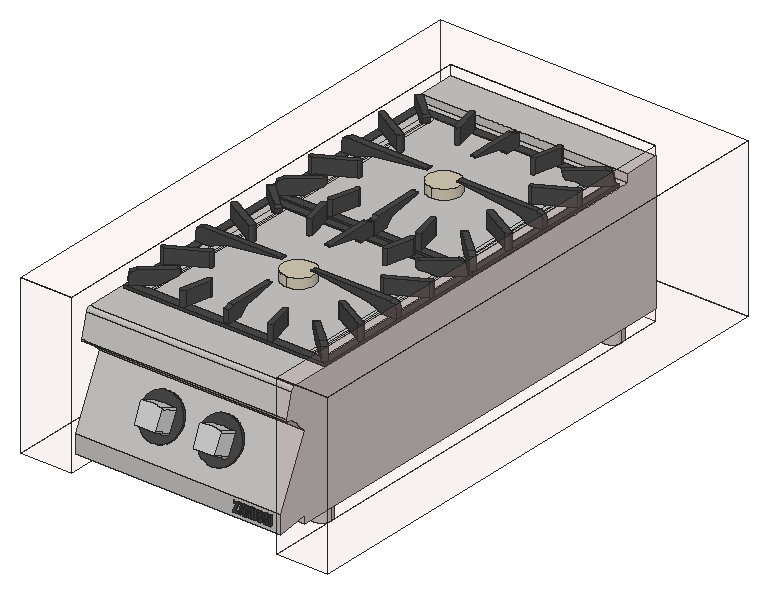
Revit family "QF_ZANUSSI_392025_Z9GCGD2C00", category Attrezzature speciali, Revit 2020
Family settings
  Quota connettore circolare = Usa diametro
  Tipo di parte = Normale
  Basato su piano di lavoro = No
  Sempre verticale = Sì
  Taglio con vuoti quando caricato = No
  Condiviso = No
  Punto di calcolo locali = No
Parameters (values of type "Standard")
  Weight = 43.00 kg
  Watts = 0 W
  Volts = 0 V
  URL Manufacturer = "http://www.zanussiprofessional.com"
  URL = "http://www.zanussiprofessional.com"
  Steam Supply Size = 0 mm
  Steam Supply Minimum Pressure = 0.0 Pa
  Steam Supply Maximum Pressure = 0.0 Pa
  Steam Consumption per Hour = 0
  Show Logo [instance] = yes
  Show Clearance [instance] = yes
  Refrigeration Suction Line Size = 0 mm
  Refrigeration Liquid Line Size = 0 mm
  Refrigerant Compressor Remote = yes
  Prospetto di default = 0 mm
  Produttore = "Zanussi"
  Phase = 0
  Modello = "Z9GCGD2C00"
  Length Actual = 400 mm  # constant formula
  Item Number = "392025"
  Hot Water Size = 0 mm
  Height Actual = 250 mm  # constant formula
  HP = "0 HP"
  Gas Size = 12.7 mm
  Gas KW = 12
  Gas Input Pressure = 0.0891869 W
  Direct Waste Size = 0 mm
  Descrizione = "2-BURNER(CAST IRON)GAS BOILING TOP 400MM"
  Depth Actual = 900 mm  # constant formula
  Cycle = 0 Hz
  Condensate Return Size = 0 mm
  Compressed Air Volume = 0.0 L/s
  Compressed Air Size = 0 mm
  Compressed Air Pressure = 0.0 Pa
  Cold Water Size = 0 mm
  Accessory = yes
Reference planes
  plane 1 "Back": y = 0
  plane 2: z = 0
  plane 3 "Left": x = 0
  plane 4: x = 400
  plane 5: z = 275
  plane 6: y = -340.304
  plane 7: x = 500
  plane 8: x = -100
  plane 9: y = 100
  plane 10: x = 200
  plane 11: y = -790
  plane 12: y = -82
Forms (mm)
  Extrusion 1, solid, material "QF_Finishes_Clearance", visible <- "Show Clearance"
    sketch origin (0, 0, 0) x (1, 0, 0) y (0, 1, 0)
      loop
        line (-100, -924.56) -> (0, -924.56) -> (0, 0) -> (400, 0) -> (400, -924.56) -> (500, -924.56) -> (500, 100) -> (-100, 100) -> (-100, -924.56)
    from 0 to 308.575
  Extrusion 2, solid, material "QF_Finishes_Stainless Steel"
    sketch origin (0, 0, 1) x (0, 1, 0) y (0, 0, 1)
      loop
        line (0, 23) -> (0, 289) -> (-69.85, 289) -> (-69.85, 274) -> (-879.358, 274)
        arc (-879.358, 274) -> (-884.643, 271.811) -> (-886.833, 266.526) r 7.474
        line (-886.833, 266.526) -> (-899.363, 222.827)
        arc (-899.363, 222.827) -> (-898.875, 220.195) -> (-896.479, 219) r 3
        line (-896.479, 219) -> (-888.618, 219) -> (-854.982, 185.364) -> (-915, 64.508) -> (-915, 29.508) -> (-858.645, 37.428)
        arc (-858.645, 37.428) -> (-856.101, 36.674) -> (-855, 34.259) r 3.2
        line (-855, 34.259) -> (-855, 23) -> (0, 23)
    from 0 to 400.05
  Extrusion 3, solid, material "QF_Finishes_Stainless Steel"
    sketch origin (-705.042, 21.722, 541) x (-1, 0, 0) y (0, 0, -1)
      loop
        circle (-1052.042, 464) r 6.35
    from 11.722 to 21.722
  Extrusion 4, solid, material "QF_Finishes_Stainless Steel"
    sketch origin (-704.042, -197, 2.278) x (-1, 0, 0) y (0, -1, 0)
      loop
        circle (-1052.042, 464) r 6.35
    from 11.722 to 21.722
Dimensions and locks
  plane 3 "Left" to plane 4 = 400 mm
  plane 5 to level = 275 mm
  plane 1 "Back" to plane 9 = 100 mm
  plane 4 to plane 7 = 100 mm
  plane 8 to plane 3 "Left" = 100 mm
  Extrusion 1 to Extrusion 1 = 400 mm
  Extrusion 1 to Extrusion 2 sketch curve = 915 mm
  plane 1 "Back" to plane 12 to plane 11 = 82 mm, 708 mm
  aligned and locked: level to plane 2
Nested families
  nested 1: "ZANUSSI_BURNER" at (5, -443.75, -575.85), type "ZANUSSI_BURNER"
    with Specification by User "", Revision Code "", Item Number "", Installed By "", Identify Quantity as Lot yes, Furnished By "", Foodservice Equipment Identifier yes
  nested 2: "ZANUSSI_Logo" at (349.92, -915, 98) x (1, 0, 0) z (0, -1, 0), Show Logo <- "Show Logo", visible <- "Show Logo", type "ZANUSSI_Logo"
    with Show Logo yes
  nested 3: "Piedino 24x19 mm" at (20, -82, 0), type "Piedino 24x19 mm"
  nested 4: "Piedino 24x19 mm" at (20, -790, 0), type "Piedino 24x19 mm"
  nested 5: "Piedino 24x19 mm" at (380, -82, 0) x (-1, 0, 0) z (0, 0, 1), type "Piedino 24x19 mm"
  nested 6: "Piedino 24x19 mm" at (380, -790, 0) x (-1, 0, 0) z (0, 0, 1), type "Piedino 24x19 mm"
  nested 7: "CONTROLLER_XP-ZAN" at (193.54, -882.317, 131.321) x (1, 0, 0) z (0, -0.8956, 0.4448), type "CONTROLLER_XP-ZAN"
  nested 8: "CONTROLLER_XP-ZAN" at (206.46, -882.317, 131.321) x (-1, 0, 0) z (0, -0.8956, 0.4448), type "CONTROLLER_XP-ZAN"
  nested 9: "ZANUSSI_BURNER" at (5, -448.75, -575.85), type "ZANUSSI_BURNER"
    with Specification by User "", Revision Code "", Item Number "", Installed By "", Identify Quantity as Lot yes, Furnished By "", Foodservice Equipment Identifier yes
Connectors
  piping at (347, 10, 77), diameter 12.7, driven by "Gas Size"
    settings: on Extrusion 3, index 14, connector inside diameter 12.8 mm, connector length 0 mm, flow factor 0, pipe flow 0.0 L/s, pressure drop 0.0 Pa, fitting loss kfactor 0, connector angle 0.00°, fixture units 0, engagement length 0 mm, angle of deflection 0.00°, flow configuration 1, flow direction 1, fitting loss method 0, system type 29, joint type 0, gender type 0, connector reference index -1, connector utility 0, adjustable connector no, is connector primary yes, connector description "Gas Connection"
  piping at (348, -661, 14), diameter 12.7, driven by "Gas Size"
    settings: on Extrusion 4, index 15, connector inside diameter 12.8 mm, connector length 0 mm, flow factor 0, pipe flow 0.0 L/s, pressure drop 0.0 Pa, fitting loss kfactor 0, connector angle 0.00°, fixture units 0, engagement length 0 mm, angle of deflection 0.00°, flow configuration 1, flow direction 1, fitting loss method 0, system type 29, joint type 0, gender type 0, connector reference index -1, connector utility 0, adjustable connector no, is connector primary no, connector description "Gas Connection"
Definition of nested family "ZANUSSI_BURNER"
  Parameters (values of type "ZANUSSI_BURNER")
    Weight in Pounds = 0
    URL Cutsheet = ""
    URL = "www.electrolux.com"
    Type Mark [instance] = ""
    Status [instance] = ""
    Specification by User [instance] = ""
    Specification by Manufacturer = ""
    Show Clearance [instance] = yes
    Serial Number = ""
    Seismic Rating = ""
    SMACNA No = ""
    Revision Code [instance] = ""
    Default Elevation = 0 mm
    Omniclass Number and Title = ""
    NAFEM Spec ID Number = ""
    Model = "392010"
    Masterspec = ""
    Manufacturer = "ELECTROLUX"
    Item Number [instance] = ""
    Installed By [instance] = ""
    Identify Quantity as Lot [instance] = yes
    Furnished By [instance] = ""
    Foodservice Equipment Identifier [instance] = yes
    Description = ""
    CSI MasterFormat = ""
    CSI Master Format = ""
  Reference planes
    plane 1 "BACK": y = 0
    plane 2: z = 0
    plane 3 "LEFT": x = 0
    plane 4 "RIGHT": x = 393.7
    plane 5 "FRONT": y = -355.6
    plane 6 "TOP": z = 908.85
    plane 7 "Center Y": x = 196.85
    plane 8 "Center X": y = -177.8
    plane 9 "Base": z = 150
    plane 10: z = 850.85
  Forms (mm)
    Extrusion 1, solid
      sketch origin (-6.433, -404.961, 5) x (1, 0, 0) y (0, 0, -1)
        loop
          arc (7.142, -850.85) -> (6.739, -862.989) -> (9.761, -874.752) r 42.809
          line (9.761, -874.752) -> (19.961, -879.425) -> (173.122, -879.425)
          arc (173.122, -879.425) -> (174.316, -878.312) -> (173.289, -877.043) r 1.197
          line (173.289, -877.043) -> (64.848, -864.021)
          arc (64.848, -864.021) -> (50.111, -858.738) -> (36.589, -850.85) r 85.245
          line (36.589, -850.85) -> (7.142, -850.85)
        loop
          line (399.424, -850.85) -> (369.977, -850.85)
          arc (369.977, -850.85) -> (356.455, -858.738) -> (341.718, -864.021) r 85.245
          line (341.718, -864.021) -> (233.277, -877.043)
          arc (233.277, -877.043) -> (232.25, -878.312) -> (233.444, -879.425) r 1.197
          line (233.444, -879.425) -> (386.605, -879.425) -> (396.806, -874.752)
          arc (396.806, -874.752) -> (399.827, -862.989) -> (399.424, -850.85) r 42.809
      from 224.564 to 234.564
    Extrusion 2, solid
      sketch origin (196.85, 175.397, 1219.2) x (0, 1, 0) y (0, 0, 1)
        loop
          line (-204.463, -363.35) -> (-175.397, -363.35) -> (-175.397, -339.506)
          arc (-175.397, -339.506) -> (-181.025, -338.266) -> (-185.611, -334.775) r 13.39
          line (-185.611, -334.775) -> (-278.903, -334.775)
          arc (-278.903, -334.775) -> (-280.097, -335.888) -> (-279.07, -337.157) r 1.197
          line (-279.07, -337.157) -> (-227.151, -347.464)
          arc (-227.151, -347.464) -> (-213.741, -352.457) -> (-204.463, -363.35) r 28.426
        loop
          arc (-496.332, -363.35) -> (-487.053, -352.457) -> (-473.644, -347.464) r 28.426
          line (-473.644, -347.464) -> (-421.725, -337.157)
          arc (-421.725, -337.157) -> (-420.697, -335.888) -> (-421.891, -334.775) r 1.197
          line (-421.891, -334.775) -> (-515.184, -334.775)
          arc (-515.184, -334.775) -> (-519.769, -338.266) -> (-525.397, -339.506) r 13.39
          line (-525.397, -339.506) -> (-525.397, -363.35) -> (-496.332, -363.35)
      from -5 to 5
    Extrusion 3, solid
      sketch origin (-6.433, 367.064, 850.85) x (0, -1, 0) y (1, 0, 0)
        loop
          line (722.664, 6.433) -> (722.664, 400.133) -> (367.064, 400.133) -> (367.064, 6.433) -> (722.664, 6.433)
        loop
          line (382.064, 21.433) -> (707.664, 21.433) -> (707.664, 385.133) -> (382.064, 385.133) -> (382.064, 21.433)
      from 0 to 5
    Extrusion 4, solid
      sketch origin (-18.933, 367.064, 855.85) x (0, -1, 0) y (1, 0, 0)
        loop
          circle (541.667, 215.783) r 30
      from -1.321 to 17.134
    Extrusion 5, solid
      sketch origin (-6.433, -367.064, 0) x (1, 0, 0) y (0, 0, -1)
        loop
          line (21.433, -855.85) -> (36.589, -855.85)
          arc (36.589, -855.85) -> (40.561, -855.243) -> (44.305, -853.783) r 18.259
          arc (44.305, -853.783) -> (45.997, -853.366) -> (47.69, -853.783) r 3.649
          arc (47.69, -853.783) -> (49.901, -854.522) -> (52.232, -854.529) r 7.328
          line (52.232, -854.529) -> (354.334, -854.529)
          arc (354.334, -854.529) -> (356.666, -854.522) -> (358.877, -853.783) r 7.328
          arc (358.877, -853.783) -> (360.569, -853.366) -> (362.261, -853.783) r 3.649
          arc (362.261, -853.783) -> (366.005, -855.243) -> (369.977, -855.85) r 18.259
          line (369.977, -855.85) -> (385.133, -855.85) -> (385.133, -850.85) -> (21.433, -850.85) -> (21.433, -855.85)
      from 26.464 to 352.064
    Extrusion 6, solid
      sketch origin (83.284, -458.334, 5) x (0.742103, 0.670286, 0) y (0, 0, -1)
        loop
          arc (88.629, -864.012) -> (73.909, -858.731) -> (60.402, -850.85) r 85.245
          line (60.402, -850.85) -> (14.993, -850.85)
          arc (14.993, -850.85) -> (14.642, -862.948) -> (17.686, -874.663) r 42.876
          line (17.686, -874.663) -> (27.899, -879.425) -> (89.664, -879.425)
          arc (89.664, -879.425) -> (92.39, -878.352) -> (93.654, -875.709) r 4
          arc (93.654, -875.709) -> (92.562, -869.25) -> (88.629, -864.012) r 13.87
        loop
          arc (457.638, -864.012) -> (453.704, -869.25) -> (452.613, -875.709) r 13.87
          arc (452.613, -875.709) -> (453.876, -878.352) -> (456.603, -879.425) r 4
          line (456.603, -879.425) -> (518.367, -879.425) -> (528.581, -874.663)
          arc (528.581, -874.663) -> (531.624, -862.948) -> (531.273, -850.85) r 42.876
          line (531.273, -850.85) -> (485.865, -850.85)
          arc (485.865, -850.85) -> (472.357, -858.731) -> (457.638, -864.012) r 85.245
      from 127.064 to 137.064
    Extrusion 7, solid
      sketch origin (310.416, -458.334, 5) x (-0.742103, 0.670286, 0) y (0, 0, 1)
        loop
          arc (88.629, 864.012) -> (92.562, 869.25) -> (93.654, 875.709) r 13.87
          arc (93.654, 875.709) -> (92.39, 878.352) -> (89.664, 879.425) r 4
          line (89.664, 879.425) -> (27.899, 879.425) -> (17.686, 874.663)
          arc (17.686, 874.663) -> (14.642, 862.948) -> (14.993, 850.85) r 42.876
          line (14.993, 850.85) -> (60.402, 850.85)
          arc (60.402, 850.85) -> (73.909, 858.731) -> (88.629, 864.012) r 85.245
        loop
          arc (457.638, 864.012) -> (472.357, 858.731) -> (485.865, 850.85) r 85.245
          line (485.865, 850.85) -> (531.273, 850.85)
          arc (531.273, 850.85) -> (531.624, 862.948) -> (528.581, 874.663) r 42.876
          line (528.581, 874.663) -> (518.367, 879.425) -> (456.603, 879.425)
          arc (456.603, 879.425) -> (453.876, 878.352) -> (452.613, 875.709) r 4
          arc (452.613, 875.709) -> (453.704, 869.25) -> (457.638, 864.012) r 13.87
      from 127.064 to 137.064
    Extrusion 8, solid
      sketch origin (-6.433, 367.064, 855.85) x (0, -1, 0) y (1, 0, 0)
        loop
          arc (626.166, 9.428) -> (632.956, 7.454) -> (634.93, 14.244) r 5
          line (634.93, 14.244) -> (600.514, 76.878)
          arc (600.514, 76.878) -> (593.724, 78.852) -> (591.75, 72.062) r 5
          line (591.75, 72.062) -> (626.166, 9.428)
        loop
          line (463.562, 9.428) -> (497.977, 72.062)
          arc (497.977, 72.062) -> (496.003, 78.852) -> (489.213, 76.878) r 5
          line (489.213, 76.878) -> (454.798, 14.244)
          arc (454.798, 14.244) -> (456.772, 7.454) -> (463.562, 9.428) r 5
        loop
          line (626.166, 397.138) -> (591.75, 334.504)
          arc (591.75, 334.504) -> (593.724, 327.714) -> (600.514, 329.689) r 5
          line (600.514, 329.689) -> (634.93, 392.323)
          arc (634.93, 392.323) -> (632.956, 399.113) -> (626.166, 397.138) r 5
        loop
          arc (463.562, 397.138) -> (456.772, 399.113) -> (454.798, 392.323) r 5
          line (454.798, 392.323) -> (489.213, 329.689)
          arc (489.213, 329.689) -> (496.003, 327.714) -> (497.977, 334.504) r 5
          line (497.977, 334.504) -> (463.562, 397.138)
        loop
          line (715.14, 293.499) -> (666.703, 282.317)
          arc (666.703, 282.317) -> (662.956, 276.32) -> (668.953, 272.573) r 5
          line (668.953, 272.573) -> (717.389, 283.756)
          arc (717.389, 283.756) -> (721.136, 289.752) -> (715.14, 293.499) r 5
        loop
          arc (715.14, 113.067) -> (721.136, 116.814) -> (717.389, 122.811) r 5
          line (717.389, 122.811) -> (668.953, 133.993)
          arc (668.953, 133.993) -> (662.956, 130.246) -> (666.703, 124.249) r 5
          line (666.703, 124.249) -> (715.14, 113.067)
        loop
          arc (374.588, 293.499) -> (368.591, 289.752) -> (372.338, 283.756) r 5
          line (372.338, 283.756) -> (420.775, 272.573)
          arc (420.775, 272.573) -> (426.771, 276.32) -> (423.024, 282.317) r 5
          line (423.024, 282.317) -> (374.588, 293.499)
        loop
          line (374.588, 113.067) -> (423.024, 124.249)
          arc (423.024, 124.249) -> (426.771, 130.246) -> (420.775, 133.993) r 5
          line (420.775, 133.993) -> (372.338, 122.811)
          arc (372.338, 122.811) -> (368.591, 116.814) -> (374.588, 113.067) r 5
      from 0 to 28.575
  Lines and regions (mm)
    symbolic lines
      curve 1: line (157.475, -170.397, 150) -> (157.475, -15, 150)
      curve 2: line (236.225, -170.397, 150) -> (236.225, -15, 150)
      curve 3: arc (158.678, -180.397, 0) -> (170.734, -200.207, 0) -> (191.85, -209.795, 0) r 39.375
      curve 4: line (163.825, -170.397, 150) -> (163.825, -15, 150)
      curve 5: line (229.875, -170.397, 150) -> (229.875, -15, 150)
      curve 6: line (144.775, -170.397, 150) -> (144.775, -15, 150)
      curve 7: line (248.925, -170.397, 150) -> (248.925, -15, 150)
      curve 8: arc (145.678, -180.397, 0) -> (161.728, -209.187, 0) -> (191.85, -222.573, 0) r 52.075
      curve 9: arc (201.85, -209.795, 0) -> (222.966, -200.207, 0) -> (235.022, -180.397, 0) r 39.375
      curve 10: arc (201.85, -222.573, 0) -> (231.931, -209.224, 0) -> (248.001, -180.504, 0) r 52.075
  Dimensions and locks
    equal spacing: plane 3 "LEFT", plane 7 "Center Y", plane 4 "RIGHT"
    plane 3 "LEFT" to plane 4 "RIGHT" = 393.7 mm
    equal spacing: plane 5 "FRONT", plane 8 "Center X", plane 1 "BACK"
    plane 5 "FRONT" to plane 1 "BACK" = 355.6 mm
    plane 6 "TOP" to level = 908.85 mm
    plane 9 "Base" to level = 150 mm
    plane 6 "TOP" to plane 10 = 58 mm  (x2)
    locked: Extrusion 4 sketch curve to plane 7 "Center Y" at 0
    aligned and locked: level to plane 2
  Automatic sketch dimensions
    plane 1 "BACK" to curve 7 = 15 mm
    plane 7 "Center Y" to curve 7 = 52.075 mm
    curve 7 to curve 2 = 12.7 mm
    curve 2 to curve 5 = 6.35 mm
    curve 4 to curve 1 = 6.35 mm
    plane 8 "Center X" to curve 6 = 7.403 mm
    curve 1 to curve 6 = 12.7 mm
    plane 3 "LEFT" to Extrusion 1 sketch curve = 0.709 mm
    plane 3 "LEFT" to Extrusion 1 sketch curve = 3.327 mm
    Extrusion 1 sketch curve to Extrusion 1 sketch curve = 10.201 mm
    plane 10 to Extrusion 1 sketch curve = 5 mm  (x2)
    Extrusion 1 sketch curve to Extrusion 1 sketch curve = 29.447 mm
    Extrusion 1 sketch curve to Extrusion 1 sketch curve = 12.704 mm  (x2)
    Extrusion 1 sketch curve to Extrusion 1 sketch curve = 15.555 mm  (x2)
    plane 3 "LEFT" to Extrusion 1 sketch curve = 79.689 mm
    Extrusion 1 sketch curve to plane 7 "Center Y" = 30.161 mm
    Extrusion 1 sketch curve to Extrusion 1 sketch curve = 0.167 mm  (x2)
    plane 7 "Center Y" to Extrusion 1 sketch curve = 29.994 mm
    Extrusion 1 sketch curve to plane 4 "RIGHT" = 79.689 mm
    plane 10 to Extrusion 1 sketch curve = 18.171 mm
    Extrusion 1 sketch curve to plane 4 "RIGHT" = 58.415 mm
    Extrusion 1 sketch curve to plane 4 "RIGHT" = 13.528 mm
    Extrusion 1 sketch curve to plane 4 "RIGHT" = 3.327 mm
    Extrusion 1 sketch curve to plane 4 "RIGHT" = 0.709 mm
    Extrusion 1 sketch curve to Extrusion 1 sketch curve = 23.902 mm  (x2)
    Extrusion 1 sketch curve to plane 6 "TOP" = 26.807 mm  (x2)
    Extrusion 1 sketch curve to Extrusion 1 sketch curve = 1.185 mm  (x2)
    Extrusion 1 sketch curve to Extrusion 1 sketch curve = 5.694 mm
    Extrusion 2 sketch curve to plane 1 "BACK" = 0 mm
    plane 1 "BACK" to Extrusion 2 sketch curve = 10.213 mm
    plane 10 to Extrusion 2 sketch curve = 5 mm  (x2)
    plane 1 "BACK" to Extrusion 2 sketch curve = 29.066 mm
    plane 10 to Extrusion 2 sketch curve = 20.886 mm
    Extrusion 2 sketch curve to Extrusion 2 sketch curve = 22.688 mm  (x2)
    Extrusion 2 sketch curve to plane 10 = 7.392 mm  (x2)
    Extrusion 2 sketch curve to plane 6 "TOP" = 24.425 mm
    Extrusion 2 sketch curve to Extrusion 2 sketch curve = 51.752 mm
    Extrusion 2 sketch curve to plane 6 "TOP" = 26.807 mm  (x2)
    Extrusion 2 sketch curve to Extrusion 2 sketch curve = 0.167 mm  (x2)
    Extrusion 2 sketch curve to plane 8 "Center X" = 68.528 mm
    Extrusion 2 sketch curve to plane 5 "FRONT" = 60.248 mm
    Extrusion 2 sketch curve to Extrusion 2 sketch curve = 2.895 mm
    Extrusion 2 sketch curve to plane 5 "FRONT" = 15.813 mm
    Extrusion 2 sketch curve to plane 5 "FRONT" = 5.6 mm
    Extrusion 2 sketch curve to Extrusion 2 sketch curve = 4.731 mm
    Extrusion 2 sketch curve to Extrusion 2 sketch curve = 23.844 mm
    Extrusion 2 sketch curve to Extrusion 2 sketch curve = 1.185 mm
    plane 1 "BACK" to Extrusion 3 sketch curve = 0 mm
    Extrusion 3 sketch curve to plane 3 "LEFT" = 0 mm
    plane 5 "FRONT" to Extrusion 3 sketch curve = 0 mm
    Extrusion 3 sketch curve to plane 4 "RIGHT" = 0 mm
    plane 1 "BACK" to Extrusion 3 sketch curve = 15 mm
    Extrusion 3 sketch curve to plane 5 "FRONT" = 15 mm
    plane 3 "LEFT" to Extrusion 3 sketch curve = 15 mm
    Extrusion 3 sketch curve to plane 4 "RIGHT" = 15 mm
    Extrusion 3 to Extrusion 4 sketch curve = 159.603 mm
    Extrusion 5 sketch curve to plane 10 = 0 mm
    plane 3 "LEFT" to Extrusion 5 sketch curve = 15 mm
    Extrusion 5 sketch curve to Extrusion 5 sketch curve = 14.402 mm
    plane 10 to Extrusion 5 sketch curve = 5 mm
    Extrusion 5 sketch curve to Extrusion 5 sketch curve = 15.156 mm
    plane 10 to Extrusion 5 sketch curve = 2.933 mm  (x3)
    Extrusion 5 sketch curve to Extrusion 5 sketch curve = 7.716 mm  (x2)
    Extrusion 5 sketch curve to Extrusion 5 sketch curve = 0 mm  (x3)
    Extrusion 5 sketch curve to Extrusion 5 sketch curve = 1.692 mm  (x2)
    Extrusion 5 sketch curve to Extrusion 5 sketch curve = 3.385 mm  (x2)
    Extrusion 5 sketch curve to plane 10 = 3.559 mm  (x2)
    plane 10 to Extrusion 5 sketch curve = 3.679 mm
    Extrusion 5 sketch curve to plane 4 "RIGHT" = 45.799 mm
    Extrusion 5 sketch curve to Extrusion 5 sketch curve = 1.143 mm
    Extrusion 5 sketch curve to plane 10 = 13.244 mm
    Extrusion 5 sketch curve to plane 4 "RIGHT" = 15 mm
    plane 10 to Extrusion 6 sketch curve = 5 mm  (x2)
    Extrusion 6 sketch curve to Extrusion 6 sketch curve = 2.692 mm  (x2)
    Extrusion 6 sketch curve to Extrusion 6 sketch curve = 10.213 mm  (x2)
    plane 10 to Extrusion 6 sketch curve = 12.281 mm
    Extrusion 6 sketch curve to Extrusion 6 sketch curve = 29.348 mm  (x2)
    Extrusion 6 sketch curve to Extrusion 6 sketch curve = 3.155 mm  (x2)
    Extrusion 6 sketch curve to Extrusion 6 sketch curve = 22.572 mm
    Extrusion 6 sketch curve to Extrusion 6 sketch curve = 8.81 mm
    Extrusion 6 sketch curve to Extrusion 6 sketch curve = 9.845 mm  (x2)
    Extrusion 6 sketch curve to Extrusion 6 sketch curve = 3.99 mm  (x2)
    Extrusion 6 sketch curve to Extrusion 6 sketch curve = 0 mm  (x2)
    Extrusion 6 sketch curve to Extrusion 6 sketch curve = 49.533 mm
    Extrusion 6 sketch curve to plane 10 = 64.377 mm
    Extrusion 6 sketch curve to Extrusion 6 sketch curve = 326.397 mm
    Extrusion 6 sketch curve to plane 6 "TOP" = 28.141 mm
    Extrusion 6 sketch curve to Extrusion 6 sketch curve = 16.281 mm
    Extrusion 6 sketch curve to Extrusion 6 sketch curve = 1.035 mm
    Extrusion 6 sketch curve to Extrusion 6 sketch curve = 19.417 mm
    Extrusion 6 sketch curve to Extrusion 6 sketch curve = 4.763 mm  (x2)
    Extrusion 6 sketch curve to Extrusion 6 sketch curve = 3.716 mm
    plane 10 to Extrusion 7 sketch curve = 5 mm  (x2)
    Extrusion 7 sketch curve to Extrusion 7 sketch curve = 2.692 mm  (x2)
    Extrusion 7 sketch curve to Extrusion 7 sketch curve = 10.213 mm  (x2)
    plane 10 to Extrusion 7 sketch curve = 12.281 mm
    Extrusion 7 sketch curve to Extrusion 7 sketch curve = 29.348 mm  (x2)
    Extrusion 7 sketch curve to Extrusion 7 sketch curve = 3.155 mm  (x2)
    Extrusion 7 sketch curve to Extrusion 7 sketch curve = 22.572 mm
    Extrusion 7 sketch curve to Extrusion 7 sketch curve = 8.81 mm
    Extrusion 7 sketch curve to Extrusion 7 sketch curve = 9.845 mm  (x2)
    Extrusion 7 sketch curve to Extrusion 7 sketch curve = 3.99 mm  (x2)
    Extrusion 7 sketch curve to Extrusion 7 sketch curve = 0 mm  (x2)
    Extrusion 7 sketch curve to Extrusion 7 sketch curve = 21.306 mm
    Extrusion 7 sketch curve to plane 10 = 64.377 mm  (x2)
    Extrusion 7 sketch curve to Extrusion 7 sketch curve = 326.397 mm
    Extrusion 7 sketch curve to plane 6 "TOP" = 28.141 mm
    Extrusion 7 sketch curve to Extrusion 7 sketch curve = 16.281 mm
    Extrusion 7 sketch curve to Extrusion 7 sketch curve = 1.035 mm
    Extrusion 7 sketch curve to Extrusion 7 sketch curve = 19.417 mm
    Extrusion 7 sketch curve to Extrusion 7 sketch curve = 7.281 mm
    Extrusion 7 sketch curve to Extrusion 7 sketch curve = 10.713 mm
    curve 3 to curve 8 = 0 mm  (x2)
    curve 3 to curve 9 = 0 mm  (x2)
    curve 3 to curve 10 = 0 mm  (x2)
    curve 3 to plane 7 "Center Y" = 0 mm
    curve 8 to plane 8 "Center X" = 2.597 mm
    curve 8 to plane 7 "Center Y" = 51.172 mm
    curve 3 to plane 8 "Center X" = 2.597 mm
    curve 8 to curve 3 = 12.999 mm
    curve 3 to plane 7 "Center Y" = 5 mm
    curve 8 to plane 7 "Center Y" = 5 mm
    plane 7 "Center Y" to curve 10 = 5 mm
    curve 9 to plane 8 "Center X" = 2.597 mm
    plane 7 "Center Y" to curve 9 = 38.172 mm
    curve 10 to plane 8 "Center X" = 2.704 mm
    curve 9 to curve 10 = 12.979 mm
    curve 10 to plane 8 "Center X" = 44.773 mm
    Extrusion 8 sketch curve to Extrusion 3 = 5.275 mm  (x2)
    Extrusion 8 sketch curve to Extrusion 8 sketch curve = 1.125 mm  (x16)
    Extrusion 3 to Extrusion 8 sketch curve = 38.711 mm  (x2)
    Extrusion 8 sketch curve to Extrusion 3 = 7.19 mm  (x3)
    Extrusion 3 to Extrusion 8 sketch curve = 72.734 mm  (x2)
    Extrusion 8 sketch curve to Extrusion 8 sketch curve = 4.382 mm  (x16)
    Extrusion 8 sketch curve to Extrusion 3 = 2.995 mm  (x4)
    Extrusion 8 sketch curve to Extrusion 8 sketch curve = 34.416 mm  (x4)
    Extrusion 3 to Extrusion 8 sketch curve = 50.629 mm  (x3)
    Extrusion 8 sketch curve to Extrusion 8 sketch curve = 93.773 mm  (x2)
    Extrusion 3 to Extrusion 8 sketch curve = 40.96 mm  (x2)
    Extrusion 8 sketch curve to Extrusion 3 = 7.476 mm  (x2)
    Extrusion 8 sketch curve to Extrusion 8 sketch curve = 2.408 mm  (x4)
    Extrusion 3 to Extrusion 8 sketch curve = 91.634 mm  (x2)
    Extrusion 8 sketch curve to Extrusion 8 sketch curve = 4.872 mm  (x8)
    Extrusion 8 sketch curve to Extrusion 8 sketch curve = 11.182 mm  (x4)
    Extrusion 3 to Extrusion 8 sketch curve = 112.56 mm
    Extrusion 8 sketch curve to Extrusion 8 sketch curve = 61.931 mm
    Extrusion 3 to Extrusion 8 sketch curve = 55.445 mm
    Extrusion 8 sketch curve to Extrusion 8 sketch curve = 4.816 mm
    plane 7 "Center Y" to curve 9 = 5 mm
    plane 8 "Center X" to curve 4 = 7.403 mm
    curve 4 to plane 7 "Center Y" = 33.025 mm
    plane 1 "BACK" to curve 1 = 15 mm
    plane 1 "BACK" to curve 5 = 15 mm
    curve 5 to curve 2 = 0 mm  (x2)
    curve 1 to curve 4 = 0 mm  (x2)
    curve 6 to curve 1 = 0 mm
    plane 8 "Center X" to curve 2 = 7.403 mm
    plane 8 "Center X" to curve 7 = 7.403 mm
    radius of Extrusion 4 sketch curve = 30 mm
Definition of nested family "ZANUSSI_Logo"
  Parameters (values of type "ZANUSSI_Logo")
    Show Logo [instance] = yes
    Default Elevation = 1219.2 mm
  Reference planes
    plane 1 "Center (Front/Back)": y = -49
    plane 2: z = 0
    plane 3 "Center (Left/Right)": x = -9.92
  Forms (mm)
    Extrusion 1, solid
      sketch origin (0, 0, 0) x (1, 0, 0) y (0, 1, 0)
        loop
          line (-1219.2, 1219.2) -> (-1219.2, -1219.2) -> (1219.2, -1219.2) -> (1219.2, 1219.2) -> (-1219.2, 1219.2)
      from 0 to -304.8
    Extrusion 2, solid, visible <- "Show Logo"
      sketch origin (106.353, -215.165, -50) x (1, 0, 0) y (0, 1, 0)
        loop
          line (-137.419, 156.48) -> (-137.419, 160.444) -> (-143.365, 160.444) -> (-137.419, 172.566) -> (-137.419, 175.851) -> (-147.274, 175.851) -> (-147.274, 172.226) -> (-142.063, 172.339) -> (-147.728, 160.444) -> (-147.728, 156.48) -> (-137.419, 156.48)
        loop
          line (-131.729, 163.73) -> (-129.463, 163.73) -> (-130.596, 172.54) -> (-131.729, 163.73)
        loop
          line (-132.748, 156.48) -> (-132.182, 160.218) -> (-128.897, 160.218) -> (-128.33, 156.48) -> (-124.252, 156.48) -> (-127.877, 175.851) -> (-133.315, 175.851) -> (-136.826, 156.48) -> (-132.748, 156.48)
        loop
          line (-123.75, 175.851) -> (-123.75, 156.48) -> (-120.238, 156.48) -> (-120.238, 169.281) -> (-116.953, 156.48) -> (-112.648, 156.48) -> (-112.648, 175.851) -> (-116.273, 175.851) -> (-116.273, 163.503) -> (-119.558, 175.851) -> (-123.75, 175.851)
        loop
          arc (-111.742, 161.27) -> (-106.896, 156.448) -> (-101.433, 160.558) r 5.22
          line (-101.433, 160.558) -> (-101.433, 175.851) -> (-105.398, 175.851) -> (-105.398, 161.464)
          arc (-105.398, 161.464) -> (-106.44, 160.263) -> (-107.777, 161.124) r 1.214
          line (-107.777, 161.124) -> (-107.777, 175.851) -> (-111.742, 175.851) -> (-111.742, 161.27)
        loop
          line (-94.069, 169.734) -> (-90.331, 169.734) -> (-90.269, 171.495)
          arc (-90.269, 171.495) -> (-90.53, 173.458) -> (-91.761, 175.009) r 3.719
          arc (-91.761, 175.009) -> (-95.38, 176.189) -> (-98.998, 175.009) r 6.139
          arc (-98.998, 175.009) -> (-100.474, 172.145) -> (-100.291, 168.927) r 6.125
          arc (-100.291, 168.927) -> (-99.079, 167.149) -> (-97.591, 165.594) r 13.068
          line (-97.591, 165.594) -> (-95.921, 164.113)
          arc (-95.921, 164.113) -> (-94.934, 163.275) -> (-94.167, 162.233) r 5.571
          arc (-94.167, 162.233) -> (-94.357, 160.41) -> (-96.143, 160.003) r 1.573
          arc (-96.143, 160.003) -> (-96.681, 160.547) -> (-96.911, 161.277) r 1.631
          arc (-96.911, 161.277) -> (-96.929, 161.791) -> (-96.911, 162.305) r 7.441
          arc (-96.911, 162.305) -> (-96.895, 162.791) -> (-96.911, 163.277) r 7.03
          line (-96.911, 163.277) -> (-100.866, 163.277)
          arc (-100.866, 163.277) -> (-100.828, 160.504) -> (-99.735, 157.955) r 7.131
          arc (-99.735, 157.955) -> (-94.571, 156.484) -> (-90.221, 159.633) r 6.148
          arc (-90.221, 159.633) -> (-90.141, 162.884) -> (-91.536, 165.823) r 7.021
          line (-91.536, 165.823) -> (-95.882, 169.734)
          arc (-95.882, 169.734) -> (-96.47, 170.472) -> (-96.785, 171.362) r 2.858
          arc (-96.785, 171.362) -> (-95.666, 172.959) -> (-94.069, 171.84) r 1.379
          line (-94.069, 171.84) -> (-94.069, 169.734)
        loop
          line (-82.771, 169.734) -> (-79.033, 169.734) -> (-78.971, 171.495)
          arc (-78.971, 171.495) -> (-79.232, 173.458) -> (-80.463, 175.009) r 3.719
          arc (-80.463, 175.009) -> (-84.081, 176.189) -> (-87.7, 175.009) r 6.139
          arc (-87.7, 175.009) -> (-89.175, 172.145) -> (-88.993, 168.927) r 6.125
          arc (-88.993, 168.927) -> (-87.781, 167.149) -> (-86.293, 165.594) r 13.068
          line (-86.293, 165.594) -> (-84.623, 164.113)
          arc (-84.623, 164.113) -> (-83.636, 163.275) -> (-82.869, 162.233) r 5.571
          arc (-82.869, 162.233) -> (-83.059, 160.41) -> (-84.845, 160.003) r 1.573
          arc (-84.845, 160.003) -> (-85.383, 160.547) -> (-85.613, 161.277) r 1.631
          arc (-85.613, 161.277) -> (-85.631, 161.791) -> (-85.613, 162.305) r 7.441
          arc (-85.613, 162.305) -> (-85.596, 162.791) -> (-85.613, 163.277) r 7.03
          line (-85.613, 163.277) -> (-89.568, 163.277)
          arc (-89.568, 163.277) -> (-89.53, 160.504) -> (-88.437, 157.955) r 7.131
          arc (-88.437, 157.955) -> (-83.272, 156.484) -> (-78.922, 159.633) r 6.148
          arc (-78.922, 159.633) -> (-78.843, 162.884) -> (-80.238, 165.823) r 7.021
          line (-80.238, 165.823) -> (-84.584, 169.734)
          arc (-84.584, 169.734) -> (-85.171, 170.472) -> (-85.486, 171.362) r 2.858
          arc (-85.486, 171.362) -> (-84.368, 172.959) -> (-82.771, 171.84) r 1.379
          line (-82.771, 171.84) -> (-82.771, 169.734)
        loop
          line (-78.21, 175.851) -> (-78.21, 156.48) -> (-74.245, 156.48) -> (-74.245, 175.851) -> (-78.21, 175.851)
      from 50 to 51.6
  Dimensions and locks
    aligned and locked: plane 2 to Extrusion 1
    aligned and locked: level to Extrusion 1
Definition of nested family "Piedino 24x19 mm"
  Parameters (values of type "Piedino 24x19 mm")
    Default Elevation = 0 mm
    P = 930 mm
    L = 400 mm
    H = 290 mm
  Reference planes
    plane 1: y = 0
    plane 2: z = 0
    plane 3: x = 0
    plane 4: z = 290
    plane 5: z = 24
    plane 6: z = 55
  Forms (mm)
    Extrusion 1, solid
      sketch origin (-373.847, 979.72, 0) x (1, 0, 0) y (0, 1, 0)
        loop
          circle (373.847, -979.72) r 19
      from 0 to 24
  Dimensions and locks
    "H": plane 4 to level
    plane 4 to plane 5 to level = 266 mm, 24 mm
    level to plane 6 = 55 mm
    aligned and locked: level to plane 2
  Automatic sketch dimensions
    plane 3 to Extrusion 1 sketch curve = 0 mm
    plane 1 to Extrusion 1 sketch curve = 0 mm
    radius of Extrusion 1 sketch curve = 19 mm
Definition of nested family "CONTROLLER_XP-ZAN"
  Parameters (values of type "CONTROLLER_XP-ZAN")
    Default Elevation = 0 mm
  Reference planes
    plane 1 "Centro (Fronte/Retro)": y = 0
    plane 2: z = 0
    plane 3 "Centro (Sinistra/Destra)": x = 0
    plane 4: x = -51.067
    plane 5: x = 51.067
    plane 6: x = 93.481
    plane 7: x = -93.481
  Forms (mm)
    Extrusion 1, solid
      sketch origin (0, 0, 0) x (1, 0, 0) y (0, 1, 0)
        loop
          line (-1219.2, 1219.2) -> (-1219.2, -1219.2) -> (1219.2, -1219.2) -> (1219.2, 1219.2) -> (-1219.2, 1219.2)
      from 0 to -304.8
    Extrusion 2, solid
      sketch origin (-46.381, -48.923, 0) x (1, 0, 0) y (0, 1, 0)
        loop
          circle (-4.687, 48.923) r 42.414
      from 0 to 3.175
    Blend 3, solid
      base sketch origin (-46.381, -48.923, 3.175) x (1, 0, 0) y (0, 1, 0)
        loop
          line (-23.687, 25.923) -> (14.313, 25.923)
          arc (14.313, 25.923) -> (17.142, 27.095) -> (18.313, 29.923) r 4
          line (18.313, 29.923) -> (18.313, 66.519)
          arc (18.313, 66.519) -> (17.342, 69.132) -> (14.901, 70.476) r 4
          arc (14.901, 70.476) -> (-4.687, 71.923) -> (-24.275, 70.476) r 133.25
          arc (-24.275, 70.476) -> (-26.716, 69.132) -> (-27.687, 66.519) r 4
          line (-27.687, 66.519) -> (-27.687, 29.923)
          arc (-27.687, 29.923) -> (-26.515, 27.095) -> (-23.687, 25.923) r 4
      top sketch origin (-46.381, -48.923, 3.175) x (1, 0, 0) y (0, 1, 0)
        loop
          line (-25.687, 66.519) -> (-25.687, 29.923)
          arc (-25.687, 29.923) -> (-25.101, 28.509) -> (-23.687, 27.923) r 2
          line (-23.687, 27.923) -> (14.313, 27.923)
          arc (14.313, 27.923) -> (15.727, 28.509) -> (16.313, 29.923) r 2
          line (16.313, 29.923) -> (16.313, 66.519)
          arc (16.313, 66.519) -> (15.828, 67.825) -> (14.607, 68.498) r 2
          arc (14.607, 68.498) -> (-4.687, 69.923) -> (-23.981, 68.498) r 131.25
          arc (-23.981, 68.498) -> (-25.201, 67.825) -> (-25.687, 66.519) r 2
      from 0 to 33
  Lines and regions (mm)
    Split face 1
      outline origin (-46.381, -48.923, 36.175) x (1, 0, 0) y (0, 1, 0)
        loop
          line (-6.687, 69.908) -> (-6.687, 62.923) -> (-2.687, 62.923) -> (-2.687, 69.908)
  Dimensions and locks
    aligned and locked: plane 2 to Extrusion 1
    aligned and locked: level to Extrusion 1
